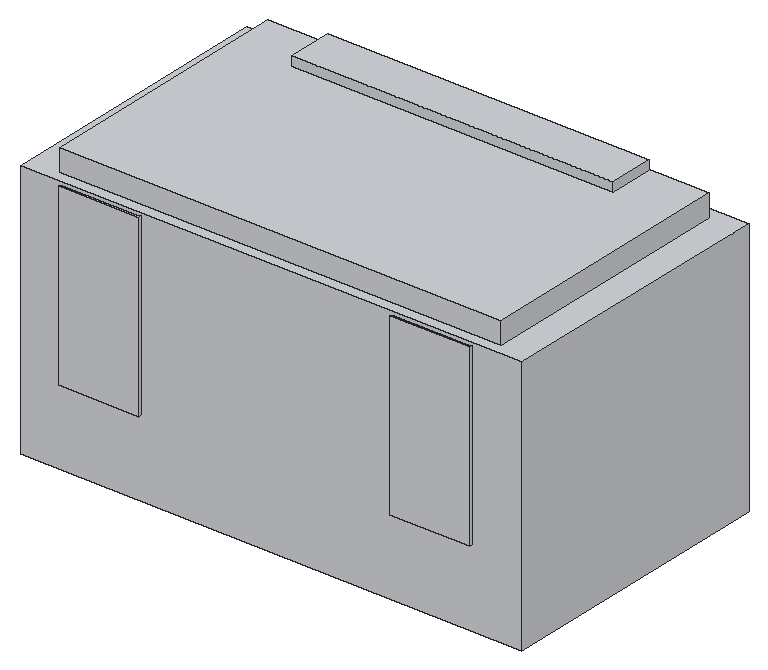
Revit family "GIS_Transformer_Tank", category Equipamento elétrico, Revit 2027
Family settings
  Configuração do painel = Duas colunas, circuitos transversais
  Cota do conector redondo = Utilizar diâmetro
  Tipo de parte = Painel de controle
  Com base no plano de trabalho = Não
  Sempre na vertical = Sim
  Corte com vazios quando carregada = Não
  Manter orientação da anotação = Não
  Compartilhado = Não
  Ponto de cálculo do ambiente = Não
Parameters (values of type "TR_40MVA_STUDY")
  Default Elevation = 0 mm
  built-in parameter 1140142 [instance] = (empty or 0)
  built-in parameter 1140140 [instance] = 1 (stored number, unit not read)
  BIM_TensaoSecundaria_kV = 13.8
  BIM_TensaoNominal_kV = 138
  BIM_TensaoClasse_kV = 145
  BIM_TensaoClasseSecundaria_kV = 17.5
  BIM_Sistema_Elemento [instance] = ""
  BIM_ReferenciaCatalogo = "DAX Energy TRP-EA40-DML-01 catalog reference: 138/13.8 kV, 30/40 MVA, Dyn1, LTC and Z=11%; outline not published; envelope estimated and 10% preserved R8 study assumption"
  BIM_Profundidade = 3500 mm
  BIM_Potencia_MVA = 40
  BIM_Localizacao [instance] = ""
  BIM_Largura = 6200 mm
  BIM_Impedancia_pu = 0.1
  BIM_FonteGeometria = "DAX Energy TRP-EA40-DML-01 catalog reference: 138/13.8 kV, 30/40 MVA, Dyn1, LTC and Z=11%; outline not published; envelope estimated and 10% preserved R8 study assumption"
  BIM_Fabricante = "NAO SELECIONADO"
  BIM_EstadoGeometria = "ESTIMATED_NO_OUTLINE_DRAWING"
  BIM_EstadoEspecificacao = "PREMISSA / NAO SELECIONADO"
  BIM_DescricaoEstudo = "Transformador trifásico de referência, não selecionado. Dimensões estimadas; 10% é impedância provisória R8 e difere do Z=11% da opção de catálogo."
  BIM_CorrenteReferenciaSecundaria_A = 1673.479
  BIM_CorrenteNominal_A = 167.3479
  BIM_Bay [instance] = ""
  BIM_AlturaCorpoPrincipal = 3192 mm
  BIM_Altura = 3800 mm
  built-in parameter 1155100 [instance] = (empty or 0)
Reference planes
  plane 1 "Centro (Frente/Trás)": y = 0
  plane 2: z = 0
  plane 3 "Centro (Esquerda/Direita)": x = 0
  plane 4 "BIM Left": x = -3100
  plane 5 "BIM Right": x = 3100
  plane 6 "BIM Front": y = -1750
  plane 7 "BIM Back": y = 1750
Forms (mm)
  Extrusion 1, solid
    sketch origin (0, 0, 0) x (1, 0, 0) y (0, 1, 0)
      loop
        line (-3100, -1750) -> (3100, -1750) -> (3100, 1750) -> (-3100, 1750) -> (-3100, -1750)
    from 0 to 3192 <- "BIM_AlturaCorpoPrincipal"
  Extrusion 2, solid
    sketch origin (0, 0, 3154) x (1, 0, 0) y (0, 1, 0)
      loop
        line (-2728, -1610) -> (2728, -1610) -> (2728, 1610) -> (-2728, 1610) -> (-2728, -1610)
    from 0 to 304
  Extrusion 3, solid
    sketch origin (0, 0, 950) x (1, 0, 0) y (0, 1, 0)
      loop
        line (-2604, -1780.48) -> (-1612, -1780.48) -> (-1612, -1750) -> (-2604, -1750) -> (-2604, -1780.48)
    from 0 to 2204
  Extrusion 4, solid
    sketch origin (0, 0, 950) x (1, 0, 0) y (0, 1, 0)
      loop
        line (1488, -1780.48) -> (2480, -1780.48) -> (2480, -1750) -> (1488, -1750) -> (1488, -1780.48)
    from 0 to 2204
  Extrusion 5, solid
    sketch origin (0, 0, 3306) x (1, 0, 0) y (0, 1, 0)
      loop
        line (-1984, 1050) -> (1984, 1050) -> (1984, 1610) -> (-1984, 1610) -> (-1984, 1050)
    from 0 to 266
Dimensions and locks
  "BIM_Largura": plane 4 "BIM Left" to plane 5 "BIM Right"
  "BIM_Profundidade": plane 6 "BIM Front" to plane 7 "BIM Back"
  aligned and locked: level to plane 2
  aligned and locked: plane 4 "BIM Left" to Extrusion 1
  aligned and locked: Extrusion 1 to plane 5 "BIM Right"
  aligned and locked: Extrusion 1 to plane 6 "BIM Front"
  aligned and locked: plane 7 "BIM Back" to Extrusion 1
Automatic sketch dimensions
  Extrusion 1 sketch curve to plane 4 "BIM Left" = 0 mm
  Extrusion 1 sketch curve to plane 5 "BIM Right" = 0 mm
  Extrusion 1 sketch curve to plane 6 "BIM Front" = 0 mm
  Extrusion 1 sketch curve to plane 7 "BIM Back" = 0 mm
  plane 6 "BIM Front" to Extrusion 2 sketch curve = 140 mm
  Extrusion 2 sketch curve to plane 4 "BIM Left" = 372 mm
  Extrusion 2 sketch curve to plane 7 "BIM Back" = 140 mm
  plane 5 "BIM Right" to Extrusion 2 sketch curve = 372 mm
  Extrusion 3 sketch curve to plane 6 "BIM Front" = 0 mm
  Extrusion 3 sketch curve to plane 6 "BIM Front" = 30.48 mm
  Extrusion 3 sketch curve to plane 4 "BIM Left" = 496 mm
  Extrusion 3 sketch curve to Extrusion 3 sketch curve = 992 mm
  Extrusion 4 sketch curve to plane 6 "BIM Front" = 0 mm
  Extrusion 4 sketch curve to plane 6 "BIM Front" = 30.48 mm
  plane 3 "Centro (Esquerda/Direita)" to Extrusion 4 sketch curve = 1488 mm
  plane 5 "BIM Right" to Extrusion 4 sketch curve = 620 mm
  Extrusion 5 sketch curve to plane 4 "BIM Left" = 1116 mm
  Extrusion 5 sketch curve to plane 7 "BIM Back" = 140 mm
  plane 5 "BIM Right" to Extrusion 5 sketch curve = 1116 mm
  Extrusion 5 sketch curve to Extrusion 5 sketch curve = 560 mm
